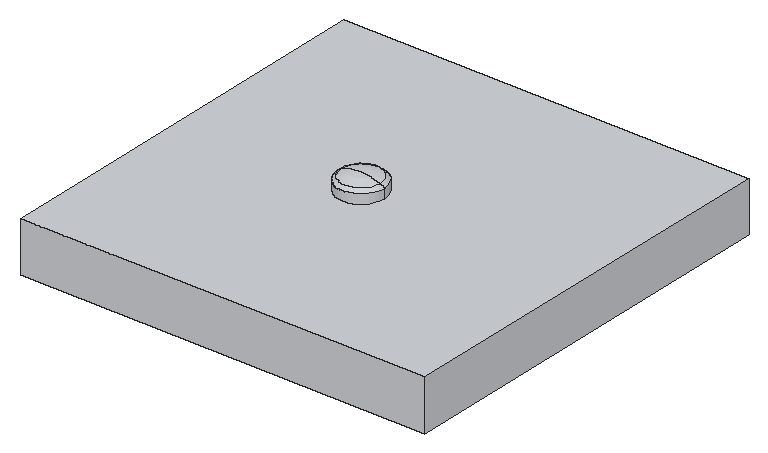
Revit family "OMEGALED", category Luminaires, Revit 2021
Family settings
  Hôte = Face
  Cote de connecteur circulaire = Utiliser le rayon
  Type d'élément = Normal
  Numéro OmniClass = 23.80.70.11.17
  Titre OmniClass = Specialized Lighting by Location or Use
  Couper avec des vides une fois chargée = Oui
  Source d'éclairage = Oui
  Partagée = Non
  Point de calcul de pièce = Oui
Parameters (values of type "850300")
  taille diffuseur = diametre / 2 - 21.2 mm  # 118.8 mm
  nbr poles = 1  # constant formula
  longueur = 55 mm
  indice de charge = Eclairage
  hauteur diffuseur = 20 mm
  hauteur collerette = 20 mm
  hauteur = 25 mm
  diametre = 280 mm
  URL = "https://www.resistex-sa.com/fr/omegaled-2108lm-bl-4000k-211.html"
  Tension = 230 V  # constant formula
  built-in parameter 1150107 = 4000 (stored number, unit not read)
  Wattage = 14 W
  built-in parameter 1150110 = 1 (stored number, unit not read)
  built-in parameter 1150109 = 1 (stored number, unit not read)
  built-in parameter 1114218 = 1 (stored number, unit not read)
  built-in parameter 1150113 = 1 (stored number, unit not read)
  built-in parameter 1150112 = 1 (stored number, unit not read)
  built-in parameter 1150137 = (empty or 0)
  built-in parameter 1150132 = (empty or 0)
  Modèle = "OMEGALED ø280"
  built-in parameter 1150105 = 2348.5 (stored number, unit not read)
  built-in parameter 1150102 = (empty or 0)
  Type Image = (empty or 0)
  IP = "IP 65"  # constant formula
  IK = "IK 10"  # constant formula
  Gradation des changements de température de couleur de lampe = <Aucun>
  Garantie = "8 ans"  # constant formula
  Lumens = 29512 lm
  Color Filter = 16777215
  Fichier de distribution photométrique = "850300.ies"
  built-in parameter 1114217 = 1 (stored number, unit not read)
  built-in parameter 1150139 = (empty or 0)
  Fabricant = "Resistex"  # constant formula
  Emit from Circle Diameter = 609.6 mm
  Emettre la visibilité des formes dans le rendu = no
  Default Elevation = 1219.2 mm
  built-in parameter 1150104 = 195.84 (stored number, unit not read)
  built-in parameter 1150106 = 23.485 (stored number, unit not read)
  built-in parameter 1150115 = 1 (stored number, unit not read)
  built-in parameter 1150114 = 1 (stored number, unit not read)
  Description = "Hublot efficace et endurant : rendement lumineux exceptionnel et garantie 8 ans.\r\nHublot équipé d'une platine LED SMD Tridonic\r\nDétection HF/Simple\r\nCouleur : Blanc - RAL approchant 9003\r\nIP 65, IK 10\r\nVis antivandale\r\nDiam. 280mm x Haut. 95mm\r\nFlux restitué 2108lm\r\nConso. système 14.7W\r\nEfficacité lumineuse produit complet 143.4lm/W\r\nLM80 L80F10 > 72000h (Ta25°C)\r\nSVM 0.022\r\nPstLM 0.152\r\nDiffuseur Polycarbonate Direct/Symétrique Opalescent, Corps en Nylon renforcé\r\nIRC 82\r\nGarantie 8 ans\r\nEmpreinte carbone 0.79gCO2/h\r\nIndice de réparabilité 9,1"  # constant formula
  built-in parameter 1150138 = (empty or 0)
  built-in parameter 1150134 = 12
  Commentaires relatifs à la puissance = "13.7"
  Apparent Load = 16.5 VA
  Tilt Angle = 60.00°
  built-in parameter 1150133 = 10 (stored number, unit not read)
Types (22, lengths in mm): name | taille diffuseur | diametre | URL | built-in parameter 1150107 | Wattage | Modèle | built-in parameter 1150105 | Lumens | Fichier de distribution photométrique | built-in parameter 1150104 | built-in parameter 1150106 | built-in parameter 1150134 | Commentaires relatifs à la puissance | Apparent Load
  (no name) | 118.8 | 280 | "https://www.resistex-sa.com/fr/omegaled-2108lm-bl-4000k-211.html" | 4000 (stored number, unit not read) | 14 W | "OMEGALED ø280" | 2348.5 (stored number, unit not read) | 29512 lm | "850300.ies" | 195.84 (stored number, unit not read) | 23.485 (stored number, unit not read) | 12 | "13.7" | 16.5 VA
  850303 | 118.8 | 280 | "https://www.resistex-sa.com/fr/omegaled-2009lm-bl-3000k-214.html" | 3000 (stored number, unit not read) | 14 W | "OMEGALED ø280" | 2238.2 (stored number, unit not read) | 28126 lm | "850303.ies" | 186.64 (stored number, unit not read) | 22.382 (stored number, unit not read) | (empty or 0) | "13.7" | 16.5 VA
  850308 | 118.8 | 280 | "https://www.resistex-sa.com/fr/omegaled-2009lm-nr-3000k-975.html" | 3000 (stored number, unit not read) | 14 W | "OMEGALED ø280" | 2238.2 (stored number, unit not read) | 28126 lm | "850308.ies" | 186.64 (stored number, unit not read) | 22.382 (stored number, unit not read) | (empty or 0) | "13.7" | 16.5 VA
  850300 | 118.8 | 280 | "https://www.resistex-sa.com/fr/omegaled-2108lm-bl-4000k-211.html" | 4000 (stored number, unit not read) | 14 W | "OMEGALED ø280" | 2348.5 (stored number, unit not read) | 29512 lm | "850300.ies" | 195.84 (stored number, unit not read) | 23.485 (stored number, unit not read) | 12 | "13.7" | 16.5 VA
  850309 | 118.8 | 280 | "https://www.resistex-sa.com/fr/omegaled--2108lm-nr-4000k-215.html" | 4000 (stored number, unit not read) | 14 W | "OMEGALED ø280" | 2348.5 (stored number, unit not read) | 29512 lm | "850309.ies" | 195.84 (stored number, unit not read) | 23.485 (stored number, unit not read) | 12 | "13.7" | 16.5 VA
  850523 | 118.8 | 280 | "https://www.resistex-sa.com/fr/omegaled-2009lm-hf-bl-3000k-219.html" | 3000 (stored number, unit not read) | 15 W | "OMEGALED ø280" | 2398.1 (stored number, unit not read) | 30135 lm | "850523.ies" | 186.64 (stored number, unit not read) | 23.981 (stored number, unit not read) | (empty or 0) | 0 | 17.7 VA
  859529 | 118.8 | 280 | "https://www.resistex-sa.com/fr/omegaled-2009lm-hf-nr-3000k-971.html" | 4000 (stored number, unit not read) | 15 W | "OMEGALED ø280" | 2516.2 (stored number, unit not read) | 31620 lm | "859529.ies" | 195.84 (stored number, unit not read) | 25.162 (stored number, unit not read) | 12 | "14.7" | 17.71 VA
  850525 | 118.8 | 280 | "https://www.resistex-sa.com/fr/omegaled-2009lm-hf-nr-3000k-971.html" | 4000 (stored number, unit not read) | 15 W | "OMEGALED ø280" | 2516.2 (stored number, unit not read) | 31620 lm | "850525.ies" | 195.84 (stored number, unit not read) | 25.162 (stored number, unit not read) | 12 | "14.7" | 17.71 VA
  859519 | 118.8 | 280 | "https://www.resistex-sa.com/fr/omegaled-2108lm-hf-nr-4000k-231.html" | 4000 (stored number, unit not read) | 15 W | "OMEGALED ø280" | 2516.2 (stored number, unit not read) | 31620 lm | "859519.ies" | 195.84 (stored number, unit not read) | 25.162 (stored number, unit not read) | 12 | "14.7" | 17.71 VA
  891301 | 118.8 | 280 | "https://www.resistex-sa.com/fr/omegaled-2108lm-hf-pre-bl-3000k-999.html" | 3000 (stored number, unit not read) | 15 W | "OMEGALED ø380" | 2516.2 (stored number, unit not read) | 31620 lm | "891301.ies" | 195.84 (stored number, unit not read) | 25.162 (stored number, unit not read) | (empty or 0) | "14.7" | 17.71 VA
  891300 | 118.8 | 280 | "https://www.resistex-sa.com/fr/omegaled-2108lm-hf-pre-bl-3000k-999.html" | 4000 (stored number, unit not read) | 15 W | "OMEGALED ø280" | 2516.2 (stored number, unit not read) | 31620 lm | "891300.ies" | 195.84 (stored number, unit not read) | 25.162 (stored number, unit not read) | 12 | "14.7" | 17.71 VA
  891309 | 118.8 | 280 | "https://www.resistex-sa.com/fr/omegaled-2108lm-hf-pre-nr-4000k-953.html" | 4000 (stored number, unit not read) | 15 W | "OMEGALED ø280" | 2516.2 (stored number, unit not read) | 31620 lm | "891309.ies" | 195.84 (stored number, unit not read) | 25.162 (stored number, unit not read) | 12 | "14.7" | 17.71 VA
  860433 | 168.8 | 380 | "https://www.resistex-sa.com/fr/omegaled-xl-2701lm-bl-3000k-794.html" | 3000 (stored number, unit not read) | 20 W | "OMEGALED ø380" | 4298.8 (stored number, unit not read) | 54020 lm | "860433.ies" | 250.93 (stored number, unit not read) | 42.988 (stored number, unit not read) | (empty or 0) | "20.3" | 21.14 VA
  860439 | 168.8 | 380 | "https://www.resistex-sa.com/fr/omegaled-xl-2701lm-nr-3000k-976.html" | 3000 (stored number, unit not read) | 20 W | "OMEGALED ø380" | 4298.8 (stored number, unit not read) | 54020 lm | "860439.ies" | 250.93 (stored number, unit not read) | 42.988 (stored number, unit not read) | (empty or 0) | "20.3" | 21.14 VA
  860432 | 168.8 | 380 | "https://www.resistex-sa.com/fr/omegaled-xl-2701lm-nr-3000k-976.html" | 4000 (stored number, unit not read) | 20 W | "OMEGALED ø380" | 4492.9 (stored number, unit not read) | 56460 lm | "860432.ies" | 262.27 (stored number, unit not read) | 44.929 (stored number, unit not read) | 12 | "20.3" | 21.14 VA
  869432 | 168.8 | 380 | "https://www.resistex-sa.com/fr/omegaled-xl-2701lm-nr-3000k-976.html" | 4000 (stored number, unit not read) | 20 W | "OMEGALED ø380" | 4492.9 (stored number, unit not read) | 56460 lm | "869432.ies" | 262.27 (stored number, unit not read) | 44.929 (stored number, unit not read) | 12 | "20.3" | 21.14 VA
  891526 | 168.8 | 380 | "https://www.resistex-sa.com/fr/omegaled-xl-2701lm-hf-pre-bl-3000k-1073.html" | 3000 (stored number, unit not read) | 20 W | "OMEGALED ø380" | 4492.9 (stored number, unit not read) | 56460 lm | "891526.ies" | 262.27 (stored number, unit not read) | 44.929 (stored number, unit not read) | (empty or 0) | "21.3" | 22.18 VA
  891525 | 168.8 | 380 | "https://www.resistex-sa.com/fr/omegaled-xl-2823lm-hf-pre-bl-4000k-269.html" | 4000 (stored number, unit not read) | 20 W | "OMEGALED ø380" | 4492.9 (stored number, unit not read) | 56460 lm | "891525.ies" | 262.27 (stored number, unit not read) | 44.929 (stored number, unit not read) | 12 | "21.3" | 22.18 VA
  891529 | 168.8 | 380 | "https://www.resistex-sa.com/fr/omegaled-xl-2823lm-hf-pre-nr-4000k-270.html" | 4000 (stored number, unit not read) | 20 W | "OMEGALED ø380" | 4492.9 (stored number, unit not read) | 56460 lm | "891529.ies" | 262.27 (stored number, unit not read) | 44.929 (stored number, unit not read) | 12 | "21.3" | 22.18 VA
  860526 | 168.8 | 380 | "https://www.resistex-sa.com/fr/omegaled-xl-2701lm-hf-bl-3000k-236.html" | 3000 (stored number, unit not read) | 21 W | "OMEGALED ø380" | 4513.7 (stored number, unit not read) | 56721 lm | "860526.ies" | 250.93 (stored number, unit not read) | 45.137 (stored number, unit not read) | (empty or 0) | "21.3" | 22.18 VA
  869532 | 168.8 | 380 | "https://www.resistex-sa.com/fr/omegaled-xl-2823lm-hf-nr-4000k-245.html" | 3000 (stored number, unit not read) | 21 W | "OMEGALED ø380" | 4513.7 (stored number, unit not read) | 56721 lm | "869532.ies" | 250.93 (stored number, unit not read) | 45.137 (stored number, unit not read) | (empty or 0) | "21.3" | 22.18 VA
  860525 | 168.8 | 380 | "https://www.resistex-sa.com/fr/omegaled-xl-2823lm-hf-bl-4000k-235.html" | 3000 (stored number, unit not read) | 21 W | "OMEGALED ø380" | 4717.6 (stored number, unit not read) | 59283 lm | "860525.ies" | 262.27 (stored number, unit not read) | 47.176 (stored number, unit not read) | (empty or 0) | "21.3" | 22.18 VA
Reference planes
  plane 1 "Centre (avant/arrière)": y = 0
  plane 2: z = 0
  plane 3 "Centre (gauche/droite)": x = 0
  plane 4 "debut diffuseur": z = 55
  plane 5: x = -140
  plane 6: x = -280
  plane 7: y = 140
  plane 8: y = 280
  plane 9: x = -21.2
  plane 10: z = 95
  plane 11: z = 75
Forms (mm)
  Extrusion 1, solid
    sketch origin (0, 0, 0) x (1, 0, 0) y (0, 1, 0)
      loop
        line (-1219.2, 1219.2) -> (-1219.2, -1219.2) -> (1219.2, -1219.2) -> (1219.2, 1219.2) -> (-1219.2, 1219.2)
    from 0 to -304.8
  Revolve 2, solid
    sketch origin (0.013, 0, -49.916) x (1, 0, 0) y (0, 0, 1)
      loop
        line (0, 104.916) -> (-21.213, 124.916) -> (-21.213, 104.916) -> (0, 104.916)
      axis (-140.013, 104.916) -> (-140.013, 124.916)
    angle from 0 to 360
  Revolve 3, solid
    sketch origin (0, 0, 0) x (1, 0, 0) y (0, 0, 1)
      loop
        line (0.013, 55) -> (-140, 55) -> (-140, 0) -> (0.013, 0) -> (0.013, 55)
      axis (-140, 0) -> (-140, 55)
    angle from 0 to 360
  Revolve 4, solid
    sketch origin (0, 0, 0) x (1, 0, 0) y (0, 0, 1)
      loop
        arc (-21.2, 75) -> (-79.679, 90.471) -> (-140, 95) r 329.762
        line (-140, 95) -> (-140, 75) -> (-21.2, 75)
      axis (-140, 75) -> (-140, 95)
    angle from 0 to 360
Dimensions and locks
  "longueur": plane 4 "debut diffuseur" to Extrusion 1
  equal spacing: plane 3 "Centre (gauche/droite)", plane 5, plane 6
  "diametre": plane 3 "Centre (gauche/droite)" to plane 6
  equal spacing: plane 1 "Centre (avant/arrière)", plane 7, plane 8
  "diametre": plane 1 "Centre (avant/arrière)" to plane 8
  "taille diffuseur": plane 9 to plane 5
  "hauteur collerette": plane 4 "debut diffuseur" to plane 11
  "hauteur diffuseur": plane 11 to plane 10
  aligned and locked: plane 2 to Extrusion 1
  aligned and locked: Revolve 2 sketch curve to plane 5
  aligned and locked: Revolve 3 sketch curve to Revolve 2  (x2)
  aligned and locked: Revolve 3 sketch curve to level
  aligned and locked: Revolve 3 sketch curve to plane 5
  aligned and locked: plane 9 to Revolve 2
  aligned and locked: Revolve 3 to plane 4 "debut diffuseur"
  aligned and locked: Revolve 2 to plane 11
  aligned and locked: level to Extrusion 1
  aligned and locked: Revolve 4 sketch curve to plane 5
Automatic sketch dimensions
  Extrusion 1 sketch curve to Extrusion 1 sketch curve = 2438.4 mm  (x2)
  Revolve 2 sketch curve to plane 4 "debut diffuseur" = 0 mm
  plane 3 "Centre (gauche/droite)" to Revolve 2 sketch curve = 0.013 mm
  Revolve 2 sketch curve to plane 3 "Centre (gauche/droite)" = 21.2 mm
  plane 4 "debut diffuseur" to Revolve 2 sketch curve = 20 mm
  Revolve 2 sketch curve to level = 49.916 mm
  plane 4 "debut diffuseur" to Revolve 2 sketch curve = 275.895 mm
  Revolve 3 sketch curve to plane 5 = 0 mm
  Revolve 3 sketch curve to level = 0 mm
  plane 4 "debut diffuseur" to Revolve 3 sketch curve = 277.108 mm
  Revolve 4 sketch curve to plane 5 = 0 mm
  Revolve 4 sketch curve to plane 9 = 0 mm
  Revolve 4 sketch curve to plane 11 = 0 mm
  Revolve 4 sketch curve to plane 10 = 0 mm
  plane 5 to Revolve 4 sketch curve = 5.576 mm
  Revolve 4 sketch curve to level = 0 mm
  plane 10 to Revolve 4 sketch curve = 237.108 mm
Connectors
  electrical at (0, 0, 0), driven by "nbr poles", driven by "indice de charge", driven by "Tension", driven by "Apparent Load"
    settings: index 1, voltage 230 V, apparent load 0 VA, apparent load phase1 16.5 VA, apparent load phase2 0 VA, apparent load phase3 0 VA, power factor 1, load classification "Eclairage", number of poles 1, system type 31, power factor state 1, is connector primary yes, connector utility no, sub classification motor no, connector description ""
